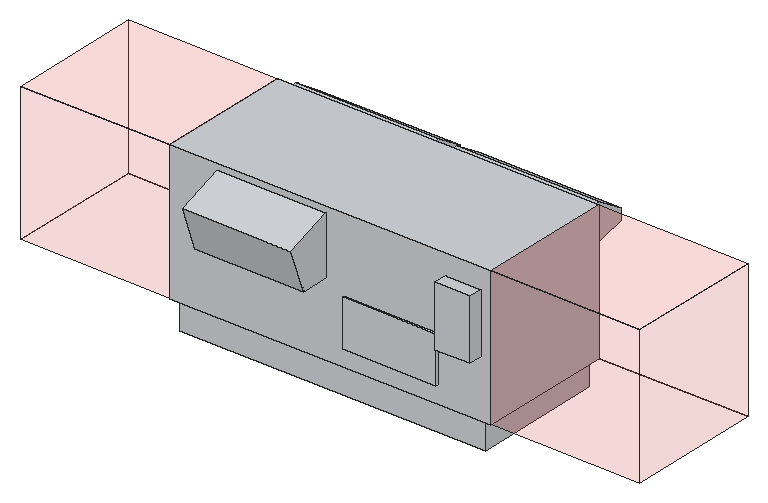
Revit family
Parameters (values of type "575 V Three Phase")
  Weight Scheduled [instance] = 2765  # constant formula
  Voltage Workaround = Voltage / 1 V  # 575
  Voltage Scheduled = Voltage  # 575 V
  Voltage = 575 V
  VoltAmps Workaround [instance] = Voltage Workaround * Total FLA * sqrt(Phase)  # 0
  VoltAmps [instance] = VoltAmps Workaround * 1 VA  # 0 VA
  VFD [instance] = yes
  URL = ""
  Total FLA [instance] = if(or(Supply Motor FLA = 0, Exhaust Motor FLA = 0), 0, (Supply Motor FLA * Supply Motor Count) + (Exhaust Motor FLA * Exhaust Motor Count))  # 0
  Supply Motor RPM Scheduled [instance] = Supply Motor RPM  # 0
  Supply Motor RPM [instance] = if(and(or(Supply ESP = 0, Supply ESP > 0), Supply ESP < 0.25), if(Supply Motor HP = 3, if(Supply CFM > 6890 CFM, 0, if(Supply CFM > 6460 CFM, 837, if(Supply CFM > 6030 CFM, 796, if(Supply CFM > 5590 CFM, 755, if(Supply CFM > 5140 CFM, 714, if(Supply CFM > 4670 CFM, 673, 632)))))), if(Supply Motor HP = 5, if(Supply CFM > 8430 CFM, 0, if(Supply CFM > 7970 CFM, 982, if(Supply CFM > 7530 CFM, 940, if(Supply CFM > 7090 CFM, 898, if(Supply CFM > 6890 CFM, 857, if(Supply CFM > 6220 CFM, 815, 773)))))), if(Supply Motor HP = 7.5, if(Supply CFM > 8800 CFM, 0, if(Supply CFM > 8630 CFM, 1041, 1000)), 0))), if(and(or(Supply ESP = 0.25, Supply ESP > 0.25), Supply ESP < 0.5), if(Supply Motor HP = 3, if(Supply CFM > 6010 CFM, 0, if(Supply CFM > 5520 CFM, 837, if(Supply CFM > 5020 CFM, 796, if(Supply CFM > 4500 CFM, 755, if(Supply CFM > 3960 CFM, 714, if(Supply CFM > 3390 CFM, 673, 632)))))), if(Supply Motor HP = 5, if(Supply CFM > 7730 CFM, 0, if(Supply CFM > 7230 CFM, 982, if(Supply CFM > 6740 CFM, 940, if(Supply CFM > 6250 CFM, 898, if(Supply CFM > 6010 CFM, 857, if(Supply CFM > 5240 CFM, 815, 773)))))), if(Supply Motor HP = 7.5, if(Supply CFM > 8800 CFM, 0, if(Supply CFM > 8450 CFM, 1082, if(Supply CFM > 7950 CFM, 1041, 1000))), 0))), if(and(or(Supply ESP = 0.5, Supply ESP > 0.5), Supply ESP < 0.75), if(Supply Motor HP = 3, if(Supply CFM > 5040 CFM, 0, if(Supply CFM > 4470 CFM, 837, if(Supply CFM > 3880 CFM, 796, if(Supply CFM > 3260 CFM, 755, if(Supply CFM > 2620 CFM, 714, 673))))), if(Supply Motor HP = 5, if(Supply CFM > 6980 CFM, 0, if(Supply CFM > 6420 CFM, 982, if(Supply CFM > 5870 CFM, 940, if(Supply CFM > 5310 CFM, 898, if(Supply CFM > 5040 CFM, 857, if(Supply CFM > 4140 CFM, 815, 773)))))), if(Supply Motor HP = 7.5, if(Supply CFM > 8800 CFM, 0, if(Supply CFM > 8310 CFM, 1122, if(Supply CFM > 7760 CFM, 1082, if(Supply CFM > 7210 CFM, 1041, 1000)))), 0))), if(and(or(Supply ESP = 0.75, Supply ESP > 0.75), Supply ESP < 1), if(Supply Motor HP = 3, if(Supply CFM > 3920 CFM, 0, if(Supply CFM > 3250 CFM, 837, if(Supply CFM > 2540 CFM, 796, 755))), if(Supply Motor HP = 5, if(Supply CFM > 6140 CFM, 0, if(Supply CFM > 5520 CFM, 982, if(Supply CFM > 4880 CFM, 940, if(Supply CFM > 4240 CFM, 898, if(Supply CFM > 3920 CFM, 857, if(Supply CFM > 2850 CFM, 815, 773)))))), if(Supply Motor HP = 7.5, if(Supply CFM > 8500 CFM, 0, if(Supply CFM > 8190 CFM, 1163, if(Supply CFM > 7600 CFM, 1122, if(Supply CFM > 7000 CFM, 1082, if(Supply CFM > 6400 CFM, 1041, 1000))))), 0))), if(and(or(Supply ESP = 1, Supply ESP > 1), Supply ESP < 1.25), if(Supply Motor HP = 3, if(Supply CFM > 2570 CFM, 837, 0), if(Supply Motor HP = 5, if(Supply CFM > 5180 CFM, 0, if(Supply CFM > 4470 CFM, 982, if(Supply CFM > 3730 CFM, 940, if(Supply CFM > 2960 CFM, 898, if(Supply CFM > 2570 CFM, 857, if(Supply CFM > 1240 CFM, 815, 773)))))), if(Supply Motor HP = 7.5, if(Supply CFM > 8120 CFM, 0, if(Supply CFM > 7460 CFM, 1163, if(Supply CFM > 6820 CFM, 1122, if(Supply CFM > 6160 CFM, 1082, if(Supply CFM > 5480 CFM, 1041, 1000))))), 0))), if(and(or(Supply ESP = 1.25, Supply ESP > 1.25), Supply ESP < 1.5), if(Supply Motor HP = 5, if(Supply CFM > 4050 CFM, 0, if(Supply CFM > 3180 CFM, 982, if(Supply CFM > 2250 CFM, 940, 898))), if(Supply Motor HP = 7.5, if(Supply CFM > 7370 CFM, 0, if(Supply CFM > 6640 CFM, 1163, if(Supply CFM > 5930 CFM, 1122, if(Supply CFM > 5180 CFM, 1082, if(Supply CFM > 4400 CFM, 1041, 1000))))), 0)), if(and(or(Supply ESP = 1.5, Supply ESP > 1.5), Supply ESP < 1.75), if(Supply Motor HP = 5, if(Supply CFM > 2550 CFM, 982, 0), if(Supply Motor HP = 7.5, if(Supply CFM > 7310 CFM, 0, if(Supply CFM > 6510 CFM, 1204, if(Supply CFM > 5700 CFM, 1163, if(Supply CFM > 4880 CFM, 1122, if(Supply CFM > 3980 CFM, 1082, if(Supply CFM > 3010 CFM, 1041, 1000)))))), 0)), if(and(or(Supply ESP = 1.75, Supply ESP > 1.75), Supply ESP < 2), if(Supply Motor HP = 7.5, if(Supply CFM > 6420 CFM, 0, if(Supply CFM > 5500 CFM, 1204, if(Supply CFM > 4540 CFM, 1163, if(Supply CFM > 3510 CFM, 1122, if(Supply CFM > 2270 CFM, 1082, 1041))))), 0), if(Supply ESP = 2, if(Supply Motor HP = 7.5, if(Supply CFM > 5320 CFM, 0, if(Supply CFM > 4200 CFM, 1204, if(Supply CFM > 2870 CFM, 1163, 1122))), 0), 0)))))))))  # 0
  Supply Motor HP Scheduled [instance] = Supply Motor HP  # 0
  Supply Motor HP [instance] = 0
  Supply Motor FLA [instance] = if(VFD, if(Supply Motor BHP = 0, 0, if(Supply Motor HP = 3, if(and(or(Voltage = 208 V, Voltage = 230 V), Phase = 1), 9.38, if(and(or(Voltage = 208 V, Voltage = 230 V), Phase = 3), 9.38, if(and(Voltage = 460 V, Phase = 3), 4.24, if(and(Voltage = 575 V, Phase = 3), 3.3, 0)))), if(Supply Motor HP = 5, if(and(or(Voltage = 208 V, Voltage = 230 V), Phase = 3), 14.5, if(and(Voltage = 460 V, Phase = 3), 6.7, if(and(Voltage = 575 V, Phase = 3), 5.3, 0))), if(Supply Motor HP = 7.5, if(and(or(Voltage = 208 V, Voltage = 230 V), Phase = 3), 21, if(and(Voltage = 460 V, Phase = 3), 9.4, if(and(Voltage = 575 V, Phase = 3), 7.6, 0))), 0)))), if(Supply Motor BHP = 0, 0, if(Supply Motor HP = 3, if(and(or(Voltage = 208 V, Voltage = 230 V), Phase = 1), 14.7, if(and(or(Voltage = 208 V, Voltage = 230 V), Phase = 3), 9.38, if(and(Voltage = 460 V, Phase = 3), 4.24, if(and(Voltage = 575 V, Phase = 3), 3.3, 0)))), if(Supply Motor HP = 5, if(and(or(Voltage = 208 V, Voltage = 230 V), Phase = 3), 14.5, if(and(Voltage = 460 V, Phase = 3), 6.7, if(and(Voltage = 575 V, Phase = 3), 5.3, 0))), if(Supply Motor HP = 7.5, if(and(or(Voltage = 208 V, Voltage = 230 V), Phase = 3), 21, if(and(Voltage = 460 V, Phase = 3), 9.4, if(and(Voltage = 575 V, Phase = 3), 7.6, 0))), 0)))))  # 0
  Supply Motor Count Scheduled [instance] = Supply Motor Count  # 1
  Supply Motor Count [instance] = 1  # constant formula
  Supply Motor BHP [instance] = if(and(or(Supply ESP = 0, Supply ESP > 0), Supply ESP < 0.25), if(Supply Motor HP = 3, if(Supply CFM > 6890 CFM, 0, if(Supply CFM > 6460 CFM, 3.2, if(Supply CFM > 6030 CFM, 2.8, if(Supply CFM > 5590 CFM, 2.4, if(Supply CFM > 5140 CFM, 2.1, if(Supply CFM > 4670 CFM, 1.8, 1.6)))))), if(Supply Motor HP = 5, if(Supply CFM > 8430 CFM, 0, if(Supply CFM > 7970 CFM, 5.3, if(Supply CFM > 7530 CFM, 4.6, if(Supply CFM > 7090 CFM, 4, if(Supply CFM > 6890 CFM, 3.4, if(Supply CFM > 6220 CFM, 3.2, 2.5)))))), if(Supply Motor HP = 7.5, if(Supply CFM > 8800 CFM, 0, if(Supply CFM > 8630 CFM, 6.2, 5.6)), 0))), if(and(or(Supply ESP = 0.25, Supply ESP > 0.25), Supply ESP < 0.5), if(Supply Motor HP = 3, if(Supply CFM > 6010 CFM, 0, if(Supply CFM > 5520 CFM, 2.9, if(Supply CFM > 5020 CFM, 2.5, if(Supply CFM > 4500 CFM, 2.1, if(Supply CFM > 3960 CFM, 1.8, if(Supply CFM > 3390 CFM, 1.6, 1.5)))))), if(Supply Motor HP = 5, if(Supply CFM > 7730 CFM, 0, if(Supply CFM > 7230 CFM, 4.9, if(Supply CFM > 6740 CFM, 4.3, if(Supply CFM > 6250 CFM, 3.6, if(Supply CFM > 6010 CFM, 3.1, if(Supply CFM > 5240 CFM, 2.9, 2.2)))))), if(Supply Motor HP = 7.5, if(Supply CFM > 8800 CFM, 0, if(Supply CFM > 8450 CFM, 6.8, if(Supply CFM > 7950 CFM, 6, 5.2))), 0))), if(and(or(Supply ESP = 0.5, Supply ESP > 0.5), Supply ESP < 0.75), if(Supply Motor HP = 3, if(Supply CFM > 5040 CFM, 0, if(Supply CFM > 4470 CFM, 2.5, if(Supply CFM > 3880 CFM, 2.1, if(Supply CFM > 3260 CFM, 1.8, if(Supply CFM > 2620 CFM, 1.5, 1.4))))), if(Supply Motor HP = 5, if(Supply CFM > 6980 CFM, 0, if(Supply CFM > 6420 CFM, 4.5, if(Supply CFM > 5870 CFM, 3.9, if(Supply CFM > 5310 CFM, 3.3, if(Supply CFM > 5040 CFM, 2.8, if(Supply CFM > 4140 CFM, 2.5, 1.9)))))), if(Supply Motor HP = 7.5, if(Supply CFM > 8800 CFM, 0, if(Supply CFM > 8310 CFM, 7.2, if(Supply CFM > 7760 CFM, 6.4, if(Supply CFM > 7210 CFM, 5.6, 4.8)))), 0))), if(and(or(Supply ESP = 0.75, Supply ESP > 0.75), Supply ESP < 1), if(Supply Motor HP = 3, if(Supply CFM > 3920 CFM, 0, if(Supply CFM > 3250 CFM, 2.1, if(Supply CFM > 2540 CFM, 1.7, 1.4))), if(Supply Motor HP = 5, if(Supply CFM > 6140 CFM, 0, if(Supply CFM > 5520 CFM, 4.1, if(Supply CFM > 4880 CFM, 3.5, if(Supply CFM > 4240 CFM, 2.9, if(Supply CFM > 3920 CFM, 2.4, if(Supply CFM > 2850 CFM, 2.1, 1.6)))))), if(Supply Motor HP = 7.5, if(Supply CFM > 8500 CFM, 0, if(Supply CFM > 8190 CFM, 7.5, if(Supply CFM > 7600 CFM, 6.8, if(Supply CFM > 7000 CFM, 6, if(Supply CFM > 6400 CFM, 5.2, 4.4))))), 0))), if(and(or(Supply ESP = 1, Supply ESP > 1), Supply ESP < 1.25), if(Supply Motor HP = 3, if(Supply CFM > 2570 CFM, 1.6, 0), if(Supply Motor HP = 5, if(Supply CFM > 5180 CFM, 0, if(Supply CFM > 4470 CFM, 3.6, if(Supply CFM > 3730 CFM, 3, if(Supply CFM > 2960 CFM, 2.4, if(Supply CFM > 2570 CFM, 1.9, if(Supply CFM > 1240 CFM, 1.6, 1.1)))))), if(Supply Motor HP = 7.5, if(Supply CFM > 8120 CFM, 0, if(Supply CFM > 7460 CFM, 7.3, if(Supply CFM > 6820 CFM, 6.4, if(Supply CFM > 6160 CFM, 5.5, if(Supply CFM > 5480 CFM, 4.7, 3.9))))), 0))), if(and(or(Supply ESP = 1.25, Supply ESP > 1.25), Supply ESP < 1.5), if(Supply Motor HP = 5, if(Supply CFM > 4050 CFM, 0, if(Supply CFM > 3180 CFM, 3.1, if(Supply CFM > 2250 CFM, 2.4, 1.7))), if(Supply Motor HP = 7.5, if(Supply CFM > 7370 CFM, 0, if(Supply CFM > 6640 CFM, 6.8, if(Supply CFM > 5930 CFM, 5.9, if(Supply CFM > 5180 CFM, 5, if(Supply CFM > 4400 CFM, 4.2, 3.4))))), 0)), if(and(or(Supply ESP = 1.5, Supply ESP > 1.5), Supply ESP < 1.75), if(Supply Motor HP = 5, if(Supply CFM > 2550 CFM, 2.3, 0), if(Supply Motor HP = 7.5, if(Supply CFM > 7310 CFM, 0, if(Supply CFM > 6510 CFM, 7.3, if(Supply CFM > 5700 CFM, 6.3, if(Supply CFM > 4880 CFM, 5.3, if(Supply CFM > 3980 CFM, 4.4, if(Supply CFM > 3010 CFM, 3.5, 2.7)))))), 0)), if(and(or(Supply ESP = 1.75, Supply ESP > 1.75), Supply ESP < 2), if(Supply Motor HP = 7.5, if(Supply CFM > 6420 CFM, 0, if(Supply CFM > 5500 CFM, 6.7, if(Supply CFM > 4540 CFM, 5.6, if(Supply CFM > 3510 CFM, 4.6, if(Supply CFM > 2270 CFM, 3.6, 2.6))))), 0), if(Supply ESP = 2, if(Supply Motor HP = 7.5, if(Supply CFM > 5320 CFM, 0, if(Supply CFM > 4200 CFM, 6, if(Supply CFM > 2870 CFM, 4.8, 3.6))), 0), 0)))))))))  # 0
  Supply ESP Scheduled [instance] = Supply ESP  # 0
  Supply ESP [instance] = 0
  Supply CFM Scheduled [instance] = Supply CFM  # 0 CFM
  Supply CFM [instance] = 0 CFM
  Supply Air Winter RH Scheduled [instance] = 0
  Supply Air Winter DB Scheduled [instance] = 0
  Supply Air Summer RH Scheduled [instance] = 0
  Supply Air Summer DB Scheduled [instance] = 0
  Phase Scheduled = Phase  # 3
  Phase = 3
  Outside Air Winter RH Scheduled [instance] = 0
  Outside Air Winter DB Scheduled [instance] = 0
  Outside Air Summer RH Scheduled [instance] = 0
  Outside Air Summer DB Scheduled [instance] = 0
  Number of Poles = 3
  Model = ""
  Manufacturer = "RenewAire"
  MOCP Scheduled [instance] = MOCP  # 0
  MOCP [instance] = if(Total FLA = 0, 0, if(VFD, if(and(or(Voltage = 208 V, Voltage = 230 V), Phase = 1), if(and(Supply Motor HP = 3, Exhaust Motor HP = 3), 45, 0), if(and(or(Voltage = 208 V, Voltage = 230 V), Phase = 3), if(and(Supply Motor HP = 3, Exhaust Motor HP = 3), 25, if(and(Supply Motor HP = 3, Exhaust Motor HP = 5), 40, if(and(Supply Motor HP = 3, Exhaust Motor HP = 7.5), 50, if(and(Supply Motor HP = 5, Exhaust Motor HP = 3), 40, if(and(Supply Motor HP = 5, Exhaust Motor HP = 5), 45, if(and(Supply Motor HP = 5, Exhaust Motor HP = 7.5), 60, if(and(Supply Motor HP = 7.5, Exhaust Motor HP = 3), 50, if(and(Supply Motor HP = 7.5, Exhaust Motor HP = 5), 60, if(and(Supply Motor HP = 7.5, Exhaust Motor HP = 7.5), 60, 0))))))))), if(and(Voltage = 460 V, Phase = 3), if(and(Supply Motor HP = 3, Exhaust Motor HP = 3), 15, if(and(Supply Motor HP = 3, Exhaust Motor HP = 5), 15, if(and(Supply Motor HP = 3, Exhaust Motor HP = 7.5), 20, if(and(Supply Motor HP = 5, Exhaust Motor HP = 3), 15, if(and(Supply Motor HP = 5, Exhaust Motor HP = 5), 20, if(and(Supply Motor HP = 5, Exhaust Motor HP = 7.5), 25, if(and(Supply Motor HP = 7.5, Exhaust Motor HP = 3), 20, if(and(Supply Motor HP = 7.5, Exhaust Motor HP = 5), 25, if(and(Supply Motor HP = 7.5, Exhaust Motor HP = 7.5), 30, 0))))))))), if(and(Voltage = 575 V, Phase = 3), if(and(Supply Motor HP = 3, Exhaust Motor HP = 3), 15, if(and(Supply Motor HP = 3, Exhaust Motor HP = 5), 15, if(and(Supply Motor HP = 3, Exhaust Motor HP = 7.5), 20, if(and(Supply Motor HP = 5, Exhaust Motor HP = 3), 15, if(and(Supply Motor HP = 5, Exhaust Motor HP = 5), 15, if(and(Supply Motor HP = 5, Exhaust Motor HP = 7.5), 20, if(and(Supply Motor HP = 7.5, Exhaust Motor HP = 3), 20, if(and(Supply Motor HP = 7.5, Exhaust Motor HP = 5), 20, if(and(Supply Motor HP = 7.5, Exhaust Motor HP = 7.5), 20, 0))))))))), 0)))), if(and(or(Voltage = 208 V, Voltage = 230 V), Phase = 1), if(and(Supply Motor HP = 3, Exhaust Motor HP = 3), 40, 0), if(and(or(Voltage = 208 V, Voltage = 230 V), Phase = 3), if(and(Supply Motor HP = 3, Exhaust Motor HP = 3), 25, if(and(Supply Motor HP = 3, Exhaust Motor HP = 5), 40, if(and(Supply Motor HP = 3, Exhaust Motor HP = 7.5), 50, if(and(Supply Motor HP = 5, Exhaust Motor HP = 3), 40, if(and(Supply Motor HP = 5, Exhaust Motor HP = 5), 45, if(and(Supply Motor HP = 5, Exhaust Motor HP = 7.5), 60, if(and(Supply Motor HP = 7.5, Exhaust Motor HP = 3), 50, if(and(Supply Motor HP = 7.5, Exhaust Motor HP = 5), 60, if(and(Supply Motor HP = 7.5, Exhaust Motor HP = 7.5), 60, 0))))))))), if(and(Voltage = 460 V, Phase = 3), if(and(Supply Motor HP = 3, Exhaust Motor HP = 3), 15, if(and(Supply Motor HP = 3, Exhaust Motor HP = 5), 15, if(and(Supply Motor HP = 3, Exhaust Motor HP = 7.5), 20, if(and(Supply Motor HP = 5, Exhaust Motor HP = 3), 15, if(and(Supply Motor HP = 5, Exhaust Motor HP = 5), 20, if(and(Supply Motor HP = 5, Exhaust Motor HP = 7.5), 25, if(and(Supply Motor HP = 7.5, Exhaust Motor HP = 3), 20, if(and(Supply Motor HP = 7.5, Exhaust Motor HP = 5), 25, if(and(Supply Motor HP = 7.5, Exhaust Motor HP = 7.5), 30, 0))))))))), if(and(Voltage = 575 V, Phase = 3), if(and(Supply Motor HP = 3, Exhaust Motor HP = 3), 15, if(and(Supply Motor HP = 3, Exhaust Motor HP = 5), 15, if(and(Supply Motor HP = 3, Exhaust Motor HP = 7.5), 20, if(and(Supply Motor HP = 5, Exhaust Motor HP = 3), 15, if(and(Supply Motor HP = 5, Exhaust Motor HP = 5), 15, if(and(Supply Motor HP = 5, Exhaust Motor HP = 7.5), 20, if(and(Supply Motor HP = 7.5, Exhaust Motor HP = 3), 20, if(and(Supply Motor HP = 7.5, Exhaust Motor HP = 5), 20, if(and(Supply Motor HP = 7.5, Exhaust Motor HP = 7.5), 20, 0))))))))), 0))))))  # 0
  MCA Scheduled [instance] = MCA  # 0
  MCA [instance] = if(Total FLA = 0, 0, if(VFD, if(and(or(Voltage = 208 V, Voltage = 230 V), Phase = 1), if(and(Supply Motor HP = 3, Exhaust Motor HP = 3), 40.2, 0), if(and(or(Voltage = 208 V, Voltage = 230 V), Phase = 3), if(and(Supply Motor HP = 3, Exhaust Motor HP = 3), 23.2, if(and(Supply Motor HP = 3, Exhaust Motor HP = 5), 30.3, if(and(Supply Motor HP = 3, Exhaust Motor HP = 7.5), 36.2, if(and(Supply Motor HP = 5, Exhaust Motor HP = 3), 30.3, if(and(Supply Motor HP = 5, Exhaust Motor HP = 5), 35.9, if(and(Supply Motor HP = 5, Exhaust Motor HP = 7.5), 44.8, if(and(Supply Motor HP = 7.5, Exhaust Motor HP = 3), 39.2, if(and(Supply Motor HP = 7.5, Exhaust Motor HP = 5), 44.8, if(and(Supply Motor HP = 7.5, Exhaust Motor HP = 7.5), 52, 0))))))))), if(and(Voltage = 460 V, Phase = 3), if(and(Supply Motor HP = 3, Exhaust Motor HP = 3), 10.5, if(and(Supply Motor HP = 3, Exhaust Motor HP = 5), 13.9, if(and(Supply Motor HP = 3, Exhaust Motor HP = 7.5), 17.6, if(and(Supply Motor HP = 5, Exhaust Motor HP = 3), 13.9, if(and(Supply Motor HP = 5, Exhaust Motor HP = 5), 16.6, if(and(Supply Motor HP = 5, Exhaust Motor HP = 7.5), 20.3, if(and(Supply Motor HP = 7.5, Exhaust Motor HP = 3), 17.6, if(and(Supply Motor HP = 7.5, Exhaust Motor HP = 5), 20.3, if(and(Supply Motor HP = 7.5, Exhaust Motor HP = 7.5), 23.3, 0))))))))), if(and(Voltage = 575 V, Phase = 3), if(and(Supply Motor HP = 3, Exhaust Motor HP = 3), 8.2, if(and(Supply Motor HP = 3, Exhaust Motor HP = 5), 10.9, if(and(Supply Motor HP = 3, Exhaust Motor HP = 7.5), 14.1, if(and(Supply Motor HP = 5, Exhaust Motor HP = 3), 10.9, if(and(Supply Motor HP = 5, Exhaust Motor HP = 5), 13.1, if(and(Supply Motor HP = 5, Exhaust Motor HP = 7.5), 16.3, if(and(Supply Motor HP = 7.5, Exhaust Motor HP = 3), 14.1, if(and(Supply Motor HP = 7.5, Exhaust Motor HP = 5), 16.3, if(and(Supply Motor HP = 7.5, Exhaust Motor HP = 7.5), 18.8, 0))))))))), 0)))), if(and(or(Voltage = 208 V, Voltage = 230 V), Phase = 1), if(and(Supply Motor HP = 3, Exhaust Motor HP = 3), 33.1, 0), if(and(or(Voltage = 208 V, Voltage = 230 V), Phase = 3), if(and(Supply Motor HP = 3, Exhaust Motor HP = 3), 21.1, if(and(Supply Motor HP = 3, Exhaust Motor HP = 5), 27.5, if(and(Supply Motor HP = 3, Exhaust Motor HP = 7.5), 35.6, if(and(Supply Motor HP = 5, Exhaust Motor HP = 3), 27.5, if(and(Supply Motor HP = 5, Exhaust Motor HP = 5), 32.6, if(and(Supply Motor HP = 5, Exhaust Motor HP = 7.5), 40.8, if(and(Supply Motor HP = 7.5, Exhaust Motor HP = 3), 35.6, if(and(Supply Motor HP = 7.5, Exhaust Motor HP = 5), 40.8, if(and(Supply Motor HP = 7.5, Exhaust Motor HP = 7.5), 47.3, 0))))))))), if(and(Voltage = 460 V, Phase = 3), if(and(Supply Motor HP = 3, Exhaust Motor HP = 3), 9.5, if(and(Supply Motor HP = 3, Exhaust Motor HP = 5), 12.6, if(and(Supply Motor HP = 3, Exhaust Motor HP = 7.5), 16, if(and(Supply Motor HP = 5, Exhaust Motor HP = 3), 12.6, if(and(Supply Motor HP = 5, Exhaust Motor HP = 5), 15.1, if(and(Supply Motor HP = 5, Exhaust Motor HP = 7.5), 18.5, if(and(Supply Motor HP = 7.5, Exhaust Motor HP = 3), 16, if(and(Supply Motor HP = 7.5, Exhaust Motor HP = 5), 18.5, if(and(Supply Motor HP = 7.5, Exhaust Motor HP = 7.5), 21.2, 0))))))))), if(and(Voltage = 575 V, Phase = 3), if(and(Supply Motor HP = 3, Exhaust Motor HP = 3), 7.4, if(and(Supply Motor HP = 3, Exhaust Motor HP = 5), 9.9, if(and(Supply Motor HP = 3, Exhaust Motor HP = 7.5), 12.8, if(and(Supply Motor HP = 5, Exhaust Motor HP = 3), 9.9, if(and(Supply Motor HP = 5, Exhaust Motor HP = 5), 11.9, if(and(Supply Motor HP = 5, Exhaust Motor HP = 7.5), 14.8, if(and(Supply Motor HP = 7.5, Exhaust Motor HP = 3), 12.8, if(and(Supply Motor HP = 7.5, Exhaust Motor HP = 5), 14.8, if(and(Supply Motor HP = 7.5, Exhaust Motor HP = 7.5), 17.1, 0))))))))), 0))))))  # 0
  FLA Scheduled [instance] = Total FLA  # 0
  Exhaust RH Scheduled [instance] = 0
  Exhaust Motor RPM Scheduled [instance] = Exhaust Motor RPM  # 0
  Exhaust Motor RPM [instance] = if(and(or(Exhaust ESP = 0, Exhaust ESP > 0), Exhaust ESP < 0.25), if(Exhaust Motor HP = 3, if(Exhaust CFM > 6890 CFM, 0, if(Exhaust CFM > 6460 CFM, 837, if(Exhaust CFM > 6030 CFM, 796, if(Exhaust CFM > 5590 CFM, 755, if(Exhaust CFM > 5140 CFM, 714, if(Exhaust CFM > 4670 CFM, 673, 632)))))), if(Exhaust Motor HP = 5, if(Exhaust CFM > 8430 CFM, 0, if(Exhaust CFM > 7970 CFM, 982, if(Exhaust CFM > 7530 CFM, 940, if(Exhaust CFM > 7090 CFM, 898, if(Exhaust CFM > 6890 CFM, 857, if(Exhaust CFM > 6220 CFM, 815, 773)))))), if(Exhaust Motor HP = 7.5, if(Exhaust CFM > 8800 CFM, 0, if(Exhaust CFM > 8630 CFM, 1041, 1000)), 0))), if(and(or(Exhaust ESP = 0.25, Exhaust ESP > 0.25), Exhaust ESP < 0.5), if(Exhaust Motor HP = 3, if(Exhaust CFM > 6010 CFM, 0, if(Exhaust CFM > 5520 CFM, 837, if(Exhaust CFM > 5020 CFM, 796, if(Exhaust CFM > 4500 CFM, 755, if(Exhaust CFM > 3960 CFM, 714, if(Exhaust CFM > 3390 CFM, 673, 632)))))), if(Exhaust Motor HP = 5, if(Exhaust CFM > 7730 CFM, 0, if(Exhaust CFM > 7230 CFM, 982, if(Exhaust CFM > 6740 CFM, 940, if(Exhaust CFM > 6250 CFM, 898, if(Exhaust CFM > 6010 CFM, 857, if(Exhaust CFM > 5240 CFM, 815, 773)))))), if(Exhaust Motor HP = 7.5, if(Exhaust CFM > 8800 CFM, 0, if(Exhaust CFM > 8450 CFM, 1082, if(Exhaust CFM > 7950 CFM, 1041, 1000))), 0))), if(and(or(Exhaust ESP = 0.5, Exhaust ESP > 0.5), Exhaust ESP < 0.75), if(Exhaust Motor HP = 3, if(Exhaust CFM > 5040 CFM, 0, if(Exhaust CFM > 4470 CFM, 837, if(Exhaust CFM > 3880 CFM, 796, if(Exhaust CFM > 3260 CFM, 755, if(Exhaust CFM > 2620 CFM, 714, 673))))), if(Exhaust Motor HP = 5, if(Exhaust CFM > 6980 CFM, 0, if(Exhaust CFM > 6420 CFM, 982, if(Exhaust CFM > 5870 CFM, 940, if(Exhaust CFM > 5310 CFM, 898, if(Exhaust CFM > 5040 CFM, 857, if(Exhaust CFM > 4140 CFM, 815, 773)))))), if(Exhaust Motor HP = 7.5, if(Exhaust CFM > 8800 CFM, 0, if(Exhaust CFM > 8310 CFM, 1122, if(Exhaust CFM > 7760 CFM, 1082, if(Exhaust CFM > 7210 CFM, 1041, 1000)))), 0))), if(and(or(Exhaust ESP = 0.75, Exhaust ESP > 0.75), Exhaust ESP < 1), if(Exhaust Motor HP = 3, if(Exhaust CFM > 3920 CFM, 0, if(Exhaust CFM > 3250 CFM, 837, if(Exhaust CFM > 2540 CFM, 796, 755))), if(Exhaust Motor HP = 5, if(Exhaust CFM > 6140 CFM, 0, if(Exhaust CFM > 5520 CFM, 982, if(Exhaust CFM > 4880 CFM, 940, if(Exhaust CFM > 4240 CFM, 898, if(Exhaust CFM > 3920 CFM, 857, if(Exhaust CFM > 2850 CFM, 815, 773)))))), if(Exhaust Motor HP = 7.5, if(Exhaust CFM > 8500 CFM, 0, if(Exhaust CFM > 8190 CFM, 1163, if(Exhaust CFM > 7600 CFM, 1122, if(Exhaust CFM > 7000 CFM, 1082, if(Exhaust CFM > 6400 CFM, 1041, 1000))))), 0))), if(and(or(Exhaust ESP = 1, Exhaust ESP > 1), Exhaust ESP < 1.25), if(Exhaust Motor HP = 3, if(Exhaust CFM > 2570 CFM, 837, 0), if(Exhaust Motor HP = 5, if(Exhaust CFM > 5180 CFM, 0, if(Exhaust CFM > 4470 CFM, 982, if(Exhaust CFM > 3730 CFM, 940, if(Exhaust CFM > 2960 CFM, 898, if(Exhaust CFM > 2570 CFM, 857, if(Exhaust CFM > 1240 CFM, 815, 773)))))), if(Exhaust Motor HP = 7.5, if(Exhaust CFM > 8120 CFM, 0, if(Exhaust CFM > 7460 CFM, 1163, if(Exhaust CFM > 6820 CFM, 1122, if(Exhaust CFM > 6160 CFM, 1082, if(Exhaust CFM > 5480 CFM, 1041, 1000))))), 0))), if(and(or(Exhaust ESP = 1.25, Exhaust ESP > 1.25), Exhaust ESP < 1.5), if(Exhaust Motor HP = 5, if(Exhaust CFM > 4050 CFM, 0, if(Exhaust CFM > 3180 CFM, 982, if(Exhaust CFM > 2250 CFM, 940, 898))), if(Exhaust Motor HP = 7.5, if(Exhaust CFM > 7370 CFM, 0, if(Exhaust CFM > 6640 CFM, 1163, if(Exhaust CFM > 5930 CFM, 1122, if(Exhaust CFM > 5180 CFM, 1082, if(Exhaust CFM > 4400 CFM, 1041, 1000))))), 0)), if(and(or(Exhaust ESP = 1.5, Exhaust ESP > 1.5), Exhaust ESP < 1.75), if(Exhaust Motor HP = 5, if(Exhaust CFM > 2550 CFM, 982, 0), if(Exhaust Motor HP = 7.5, if(Exhaust CFM > 7310 CFM, 0, if(Exhaust CFM > 6510 CFM, 1204, if(Exhaust CFM > 5700 CFM, 1163, if(Exhaust CFM > 4880 CFM, 1122, if(Exhaust CFM > 3980 CFM, 1082, if(Exhaust CFM > 3010 CFM, 1041, 1000)))))), 0)), if(and(or(Exhaust ESP = 1.75, Exhaust ESP > 1.75), Exhaust ESP < 2), if(Exhaust Motor HP = 7.5, if(Exhaust CFM > 6420 CFM, 0, if(Exhaust CFM > 5500 CFM, 1204, if(Exhaust CFM > 4540 CFM, 1163, if(Exhaust CFM > 3510 CFM, 1122, if(Exhaust CFM > 2270 CFM, 1082, 1041))))), 0), if(Exhaust ESP = 2, if(Exhaust Motor HP = 7.5, if(Exhaust CFM > 5320 CFM, 0, if(Exhaust CFM > 4200 CFM, 1204, if(Exhaust CFM > 2870 CFM, 1163, 1122))), 0), 0)))))))))  # 0
  Exhaust Motor HP Scheduled [instance] = Exhaust Motor HP  # 0
  Exhaust Motor HP [instance] = 0
  Exhaust Motor FLA [instance] = if(VFD, if(Exhaust Motor BHP = 0, 0, if(Exhaust Motor HP = 3, if(and(or(Voltage = 208 V, Voltage = 230 V), Phase = 1), 9.38, if(and(or(Voltage = 208 V, Voltage = 230 V), Phase = 3), 9.38, if(and(Voltage = 460 V, Phase = 3), 4.24, if(and(Voltage = 575 V, Phase = 3), 3.3, 0)))), if(Exhaust Motor HP = 5, if(and(or(Voltage = 208 V, Voltage = 230 V), Phase = 3), 14.5, if(and(Voltage = 460 V, Phase = 3), 6.7, if(and(Voltage = 575 V, Phase = 3), 5.3, 0))), if(Exhaust Motor HP = 7.5, if(and(or(Voltage = 208 V, Voltage = 230 V), Phase = 3), 21, if(and(Voltage = 460 V, Phase = 3), 9.4, if(and(Voltage = 575 V, Phase = 3), 7.6, 0))), 0)))), if(Exhaust Motor BHP = 0, 0, if(Exhaust Motor HP = 3, if(and(or(Voltage = 208 V, Voltage = 230 V), Phase = 1), 14.7, if(and(or(Voltage = 208 V, Voltage = 230 V), Phase = 3), 9.38, if(and(Voltage = 460 V, Phase = 3), 4.24, if(and(Voltage = 575 V, Phase = 3), 3.3, 0)))), if(Exhaust Motor HP = 5, if(and(or(Voltage = 208 V, Voltage = 230 V), Phase = 3), 14.5, if(and(Voltage = 460 V, Phase = 3), 6.7, if(and(Voltage = 575 V, Phase = 3), 5.3, 0))), if(Exhaust Motor HP = 7.5, if(and(or(Voltage = 208 V, Voltage = 230 V), Phase = 3), 21, if(and(Voltage = 460 V, Phase = 3), 9.4, if(and(Voltage = 575 V, Phase = 3), 7.6, 0))), 0)))))  # 0
  Exhaust Motor Count Scheduled [instance] = Exhaust Motor Count  # 1
  Exhaust Motor Count [instance] = 1  # constant formula
  Exhaust Motor BHP [instance] = if(and(or(Exhaust ESP = 0, Exhaust ESP > 0), Exhaust ESP < 0.25), if(Exhaust Motor HP = 3, if(Exhaust CFM > 6890 CFM, 0, if(Exhaust CFM > 6460 CFM, 3.2, if(Exhaust CFM > 6030 CFM, 2.8, if(Exhaust CFM > 5590 CFM, 2.4, if(Exhaust CFM > 5140 CFM, 2.1, if(Exhaust CFM > 4670 CFM, 1.8, 1.6)))))), if(Exhaust Motor HP = 5, if(Exhaust CFM > 8430 CFM, 0, if(Exhaust CFM > 7970 CFM, 5.3, if(Exhaust CFM > 7530 CFM, 4.6, if(Exhaust CFM > 7090 CFM, 4, if(Exhaust CFM > 6890 CFM, 3.4, if(Exhaust CFM > 6220 CFM, 3.2, 2.5)))))), if(Exhaust Motor HP = 7.5, if(Exhaust CFM > 8800 CFM, 0, if(Exhaust CFM > 8630 CFM, 6.2, 5.6)), 0))), if(and(or(Exhaust ESP = 0.25, Exhaust ESP > 0.25), Exhaust ESP < 0.5), if(Exhaust Motor HP = 3, if(Exhaust CFM > 6010 CFM, 0, if(Exhaust CFM > 5520 CFM, 2.9, if(Exhaust CFM > 5020 CFM, 2.5, if(Exhaust CFM > 4500 CFM, 2.1, if(Exhaust CFM > 3960 CFM, 1.8, if(Exhaust CFM > 3390 CFM, 1.6, 1.5)))))), if(Exhaust Motor HP = 5, if(Exhaust CFM > 7730 CFM, 0, if(Exhaust CFM > 7230 CFM, 4.9, if(Exhaust CFM > 6740 CFM, 4.3, if(Exhaust CFM > 6250 CFM, 3.6, if(Exhaust CFM > 6010 CFM, 3.1, if(Exhaust CFM > 5240 CFM, 2.9, 2.2)))))), if(Exhaust Motor HP = 7.5, if(Exhaust CFM > 8800 CFM, 0, if(Exhaust CFM > 8450 CFM, 6.8, if(Exhaust CFM > 7950 CFM, 6, 5.2))), 0))), if(and(or(Exhaust ESP = 0.5, Exhaust ESP > 0.5), Exhaust ESP < 0.75), if(Exhaust Motor HP = 3, if(Exhaust CFM > 5040 CFM, 0, if(Exhaust CFM > 4470 CFM, 2.5, if(Exhaust CFM > 3880 CFM, 2.1, if(Exhaust CFM > 3260 CFM, 1.8, if(Exhaust CFM > 2620 CFM, 1.5, 1.4))))), if(Exhaust Motor HP = 5, if(Exhaust CFM > 6980 CFM, 0, if(Exhaust CFM > 6420 CFM, 4.5, if(Exhaust CFM > 5870 CFM, 3.9, if(Exhaust CFM > 5310 CFM, 3.3, if(Exhaust CFM > 5040 CFM, 2.8, if(Exhaust CFM > 4140 CFM, 2.5, 1.9)))))), if(Exhaust Motor HP = 7.5, if(Exhaust CFM > 8800 CFM, 0, if(Exhaust CFM > 8310 CFM, 7.2, if(Exhaust CFM > 7760 CFM, 6.4, if(Exhaust CFM > 7210 CFM, 5.6, 4.8)))), 0))), if(and(or(Exhaust ESP = 0.75, Exhaust ESP > 0.75), Exhaust ESP < 1), if(Exhaust Motor HP = 3, if(Exhaust CFM > 3920 CFM, 0, if(Exhaust CFM > 3250 CFM, 2.1, if(Exhaust CFM > 2540 CFM, 1.7, 1.4))), if(Exhaust Motor HP = 5, if(Exhaust CFM > 6140 CFM, 0, if(Exhaust CFM > 5520 CFM, 4.1, if(Exhaust CFM > 4880 CFM, 3.5, if(Exhaust CFM > 4240 CFM, 2.9, if(Exhaust CFM > 3920 CFM, 2.4, if(Exhaust CFM > 2850 CFM, 2.1, 1.6)))))), if(Exhaust Motor HP = 7.5, if(Exhaust CFM > 8500 CFM, 0, if(Exhaust CFM > 8190 CFM, 7.5, if(Exhaust CFM > 7600 CFM, 6.8, if(Exhaust CFM > 7000 CFM, 6, if(Exhaust CFM > 6400 CFM, 5.2, 4.4))))), 0))), if(and(or(Exhaust ESP = 1, Exhaust ESP > 1), Exhaust ESP < 1.25), if(Exhaust Motor HP = 3, if(Exhaust CFM > 2570 CFM, 1.6, 0), if(Exhaust Motor HP = 5, if(Exhaust CFM > 5180 CFM, 0, if(Exhaust CFM > 4470 CFM, 3.6, if(Exhaust CFM > 3730 CFM, 3, if(Exhaust CFM > 2960 CFM, 2.4, if(Exhaust CFM > 2570 CFM, 1.9, if(Exhaust CFM > 1240 CFM, 1.6, 1.1)))))), if(Exhaust Motor HP = 7.5, if(Exhaust CFM > 8120 CFM, 0, if(Exhaust CFM > 7460 CFM, 7.3, if(Exhaust CFM > 6820 CFM, 6.4, if(Exhaust CFM > 6160 CFM, 5.5, if(Exhaust CFM > 5480 CFM, 4.7, 3.9))))), 0))), if(and(or(Exhaust ESP = 1.25, Exhaust ESP > 1.25), Exhaust ESP < 1.5), if(Exhaust Motor HP = 5, if(Exhaust CFM > 4050 CFM, 0, if(Exhaust CFM > 3180 CFM, 3.1, if(Exhaust CFM > 2250 CFM, 2.4, 1.7))), if(Exhaust Motor HP = 7.5, if(Exhaust CFM > 7370 CFM, 0, if(Exhaust CFM > 6640 CFM, 6.8, if(Exhaust CFM > 5930 CFM, 5.9, if(Exhaust CFM > 5180 CFM, 5, if(Exhaust CFM > 4400 CFM, 4.2, 3.4))))), 0)), if(and(or(Exhaust ESP = 1.5, Exhaust ESP > 1.5), Exhaust ESP < 1.75), if(Exhaust Motor HP = 5, if(Exhaust CFM > 2550 CFM, 2.3, 0), if(Exhaust Motor HP = 7.5, if(Exhaust CFM > 7310 CFM, 0, if(Exhaust CFM > 6510 CFM, 7.3, if(Exhaust CFM > 5700 CFM, 6.3, if(Exhaust CFM > 4880 CFM, 5.3, if(Exhaust CFM > 3980 CFM, 4.4, if(Exhaust CFM > 3010 CFM, 3.5, 2.7)))))), 0)), if(and(or(Exhaust ESP = 1.75, Exhaust ESP > 1.75), Exhaust ESP < 2), if(Exhaust Motor HP = 7.5, if(Exhaust CFM > 6420 CFM, 0, if(Exhaust CFM > 5500 CFM, 6.7, if(Exhaust CFM > 4540 CFM, 5.6, if(Exhaust CFM > 3510 CFM, 4.6, if(Exhaust CFM > 2270 CFM, 3.6, 2.6))))), 0), if(Exhaust ESP = 2, if(Exhaust Motor HP = 7.5, if(Exhaust CFM > 5320 CFM, 0, if(Exhaust CFM > 4200 CFM, 6, if(Exhaust CFM > 2870 CFM, 4.8, 3.6))), 0), 0)))))))))  # 0
  Exhaust ESP Scheduled [instance] = Exhaust ESP  # 0
  Exhaust ESP [instance] = 0
  Exhaust DB Scheduled [instance] = 0
  Exhaust CFM Scheduled [instance] = Exhaust CFM  # 0 CFM
  Exhaust CFM [instance] = 0 CFM
  Enthalpy Effect Winter Scheduled [instance] = 0
  Enthalpy Effect Summer Scheduled [instance] = 0
Types (8): name | Voltage Workaround | Voltage Scheduled | Voltage | VFD | Phase Scheduled | Phase | Number of Poles
  (no name) | 575 | 575 V | 575 V | yes | 3 | 3 | 3
  208 V Single Phase | 208 | 208 V | 208 V | yes | 1 | 1 | 2
  230 V Single Phase | 230 | 230 V | 230 V | yes | 1 | 1 | 2
  277 V Single Phase | 277 | 277 V | 277 V | yes | 1 | 1 | 1
  208 V Three Phase | 208 | 208 V | 208 V | no | 3 | 3 | 3
  230 V Three Phase | 230 | 230 V | 230 V | yes | 3 | 3 | 3
  460 V Three Phase | 460 | 460 V | 460 V | yes | 3 | 3 | 3
  575 V Three Phase | 575 | 575 V | 575 V | yes | 3 | 3 | 3
Reference planes (in)
  plane 1 "Center (Front/Back)": y = 0
  plane 2: z = 0
  plane 3 "Center (Left/Right)": x = 0
Forms (in)
  Extrusion 1, solid
    sketch origin (0, 0, 0) x (1, 0, 0) y (0, 1, 0)
      loop
        line (-82.75, 34.875) -> (-82.75, -34.875) -> (82.75, -34.875) -> (82.75, 34.875) -> (-82.75, 34.875)
    from 14 to 85.125
  Extrusion 2, solid
    sketch origin (0, -1, 0) x (1, 0, 0) y (0, 1, 0)
      loop
        line (-78.8125, 34.3125) -> (-78.8125, -32.3125) -> (78.8125, -32.3125) -> (78.8125, 34.3125) -> (-78.8125, 34.3125)
    from 0 to 14
  Extrusion 3, solid
    sketch origin (-19.125, -9.3125, 27) x (0, 1, 0) y (0, 0, 1)
      loop
        line (-25.5625, 55.125) -> (-47.9375, 46.98117) -> (-39.89151, 24.875) -> (-25.5625, 24.875) -> (-25.5625, 55.125)
    from -39.125 to 16.875
  Extrusion 4, solid
    sketch origin (120.25, 38.875, 0) x (1, 0, 0) y (0, 1, 0)
      loop
        line (-37.5, -4) -> (-37.5, -73.75) -> (39.75, -73.75) -> (39.75, -4) -> (-37.5, -4)
    from 14 to 85.125
  Extrusion 5, solid
    sketch origin (-42.625, 9.375, 28) x (0, 1, 0) y (0, 0, 1)
      loop
        line (25.5, 54.125) -> (25.5, 34.4388) -> (45.125, 39.625) -> (45.125, 45.29469) -> (31.5625, 54.125) -> (25.5, 54.125)
    from -35.625 to 38
  Extrusion 6, solid
    sketch origin (20.0625, 0, 0) x (1, 0, 0) y (0, 0, 1)
      loop
        line (39.4375, 74.75) -> (39.4375, 43.625) -> (57.4375, 43.625) -> (57.4375, 74.75) -> (39.4375, 74.75)
    from 34.875 to 41.875
  Extrusion 7, solid
    sketch origin (-108.25, 38.875, 0) x (1, 0, 0) y (0, 1, 0)
      loop
        line (-51.75, -4) -> (-51.75, -73.75) -> (25.5, -73.75) -> (25.5, -4) -> (-51.75, -4)
    from 14 to 85.125
  Extrusion 8, solid
    sketch origin (40.25, 9.375, 28) x (0, 1, 0) y (0, 0, 1)
      loop
        line (25.5, 54.125) -> (25.5, 34.4388) -> (45.125, 39.625) -> (45.125, 45.29469) -> (31.5625, 54.125) -> (25.5, 54.125)
    from -35.625 to 38
  Extrusion 9, solid
    sketch origin (0, 0, 0) x (1, 0, 0) y (0, 0, 1)
      loop
        line (7.5, 47) -> (7.5, 23) -> (55.5, 23) -> (55.5, 47) -> (7.5, 47)
    from 34.875 to 35.875
Cuts and joins
  joined: Extrusion 1, Extrusion 2, Extrusion 3, Extrusion 5, Extrusion 6, Extrusion 8, Extrusion 9
Lines and regions (in)
  Split face 1
    outline origin (-5.27862, 33.3125, 0) x (0, -1, 0) y (1, 0, 0)
      loop
        line (31.125, 10.84112) -> (31.125, 59.84112) -> (6.125, 59.84112) -> (6.125, 10.84112) -> (31.125, 10.84112)
Dimensions and locks (in)
  equal spacing: Extrusion 1 sketch curve, plane 3 "Center (Left/Right)", Extrusion 1 sketch curve
  equal spacing: Extrusion 1 sketch curve, plane 1 "Center (Front/Back)", Extrusion 1 sketch curve
  plane 1 "Center (Front/Back)" to Extrusion 1 sketch curve = 2' - 10 7/8"
  Extrusion 1 sketch curve to plane 3 "Center (Left/Right)" = 6' - 10 3/4"
Connectors (in)
  electrical at (68.5, -41.875, 59.1875), driven by "Number of Poles", driven by "Voltage", driven by "VoltAmps"
    settings: on cut or joined group of Extrusion 1, Extrusion 2, Extrusion 3, Extrusion 5, Extrusion 6, Extrusion 8, Extrusion 9, index 7, voltage 575 V, apparent load 0 VA, apparent load phase1 0 VA, apparent load phase2 0 VA, apparent load phase3 0 VA, power factor 1, load classification "HVAC", number of poles 3, system type 30, power factor state 1, is connector primary yes, connector utility no, sub classification motor no, connector description ""
  hvac at (31.5, -35.875, 35)
    settings: on cut or joined group of Extrusion 1, Extrusion 2, Extrusion 3, Extrusion 5, Extrusion 6, Extrusion 8, Extrusion 9, index 8, duct flow 0 CFM, flow factor 0, pres drop 0.00 in-wg, loss coef 0, conn angle 0.00°, conn width 48", conn height 24", conn radius 12", duct sys type 1, conn prof type 1, flow config 0, flow direction 2, loss method 0, conn ref index -1, conn util no, is conn primary yes, conn desc ""
  hvac at (30.0625, 14.6875, 0)
    settings: on cut or joined group of Extrusion 1, Extrusion 2, Extrusion 3, Extrusion 5, Extrusion 6, Extrusion 8, Extrusion 9, index 9, duct flow 0 CFM, flow factor 0, pres drop 0.00 in-wg, loss coef 0, conn angle 0.00°, conn width 48", conn height 24", conn radius 12", duct sys type 2, conn prof type 1, flow config 0, flow direction 1, loss method 0, conn ref index -1, conn util no, is conn primary no, conn desc ""
